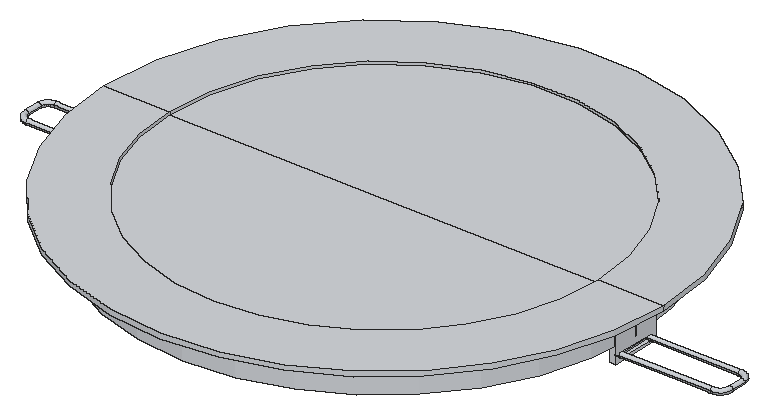
Revit family "0053942", category Lighting Fixtures, host Face, Revit 2017
Family settings
  Host = Face
  Round Connector Dimension = Use Diameter
  Part Type = Normal
  OmniClass Number = 23.80.70.00
  OmniClass Title = Lighting
  Cut with Voids When Loaded = No
  Light Source = Yes
  Shared = No
  Room Calculation Point = No
Parameters (values of type "0053942 ST E DOWNLIGHT FLT 205 IP44 1750 840 DIM")
  Weight = "4.57 kg"
  Wattage Comments = ""
  Wattage = 17 W
  WarrantyStartDate [instance] = "n/a"
  WarrantyGuarantorParts = "n/a"
  WarrantyDurationUnit = "n/a"
  WarrantyDurationParts = "n/a"
  WarrantyDescription = "n/a"
  built-in parameter 1150110 = 1 (stored number, unit not read)
  Voltage = 0 V
  URL = "http://www.sylvania-lighting.com"
  TypeName = "START eco Downlight Flat 205 IP44 1750lm 840 DIM"
  Type Image = <None>
  Type Comments = "n/a"
  built-in parameter 1114217 = 1 (stored number, unit not read)
  Tilt Angle = -90.00°
  built-in parameter 1150109 = 1 (stored number, unit not read)
  built-in parameter 1150134 = 12
  built-in parameter 1150113 = 1 (stored number, unit not read)
  SerialNumber [instance] = "n/a"
  SIZE_203_SYL = 1
  SIZE_155_SYL = 0
  R_DIFF_SYL = if(SIZE_155_SYL = 1, 63.5 mm, if(SIZE_203_SYL = 1, 86.5 mm, 40 mm))  # 86.5 mm
  R2_SYL = if(SIZE_155_SYL = 1, 77.5 mm, if(SIZE_203_SYL = 1, 101.5 mm, 52.5 mm))  # 101.5 mm
  R1_SYL = if(SIZE_155_SYL = 1, 86 mm, if(SIZE_203_SYL = 1, 113 mm, 60 mm))  # 113 mm
  Photometric Web File = "0053942.ies"
  LUM_HEIGHT_SYL = 15 mm - CHAMF_SYL  # 14 mm
  CLIP_SYL = 10 mm
  CLIP_HOLE_SYL = 2.5 mm
  CLIP_HOLE_HE_SYL = 8.5 mm
  CLIP_D_SYL = R2_SYL - 2.5 mm  # 99 mm
  CLIP_DIST_SYL = R2_SYL - 2.5 mm  # 99 mm
  CLIP_CUTOUT_SYL = 19 mm
  CHAMF_SYL = 1 mm
  Material_3_SYL = none
  PowerFactor = 0.9
  PowerConsumption = "17 W"
  NominalLength = 226 mm
  NominalHeight = 21 mm
  NominalDepth = 226 mm
  Name = "START eco Downlight Flat 205 IP44 1750lm 840 DIM"
  ModelReference = Name  # "START eco Downlight Flat 205 IP44 1750lm 840 DIM"
  ModelNumber = "0053942"
  Model = Name  # "START eco Downlight Flat 205 IP44 1750lm 840 DIM"
  Material = "aluminium housing, other diffuser"
  ManufacturerName = "Feilo Sylvania"
  Manufacturer = "Feilo Sylvania"
  LuminousEfficacy = "103 lm/W"
  built-in parameter 1150105 = 139.34 (stored number, unit not read)
  Lumens = 1751 lm
  LuminaireType = ""
  built-in parameter 1150115 = 1 (stored number, unit not read)
  LightOutputRatio = "n/a"
  built-in parameter 1150137 = (empty or 0)
  built-in parameter 1150139 = (empty or 0)
  LampsType = Lamp  # "LED"
  LampNominalLuminous = "1750 lm"
  LampMacAdamStep = "5"
  LampColourTemperature = "4000 K"
  LampColourRenderingIndex = "80"
  built-in parameter 1150112 = 1 (stored number, unit not read)
  built-in parameter 1150114 = 1 (stored number, unit not read)
  Lamp = "LED"
  Keynote = "16500"
  InstallationDate [instance] = "n/a"
  InputVoltage = "n/a"
  InputNominalFrequency = "n/a"
  built-in parameter 1150132 = (empty or 0)
  built-in parameter 1150102 = (empty or 0)
  built-in parameter 1150107 = 4000 (stored number, unit not read)
  built-in parameter 1150138 = (empty or 0)
  IngressProtection = "IP44/20"
  ImpactProtectionIndex = "IK06"
  built-in parameter 1150106 = 1.3934 (stored number, unit not read)
  IfcExportType = "IfcLightFixtureType"
  IfcExportAs = "IfcLightFixtureType"
  Emit from Circle Diameter = 609.6 mm
  Emit Shape Visible in Rendering = no
  ElectricShockClassification = "Class II"
  built-in parameter 1150104 = 9.569 (stored number, unit not read)
  DocumentationLiterature = "http://www.sylvania-lighting.com/product/en-int/products/0053942"
  DimmingControlOptions = "n/a"
  Material_2_SYL = none
  Dimming Lamp Color Temperature Shift = <None>
  Description = "START eco Downlight Flat IP44 DIM is an integrated LED recessed downlight with separated phase dimmable driver; 17W; 1750Lm; 103Lm/W; 4000K; IP44 rated from the front; 30,000hrs (L70B50)."
  Default Elevation = 1219.2 mm
  CreatedOn = "8/6/2020"
  CreatedBy = "@sylvania-lighting.com"
  Cost = 0
  Color Filter = 16777215
  built-in parameter 1114216 [instance] = (empty or 0)
  ClassificationValue = "EF_70_80"
  ClassificationName = "Uniclass2015"
  Material_1_SYL = none
  CHAMF_2_SYL = 1 mm
  BarCode [instance] = "n/a"
  built-in parameter 1114218 = 1 (stored number, unit not read)
  built-in parameter 1150133 = 10 (stored number, unit not read)
  AssetType = "Fixed"
  AssetIdentifier [instance] = "n/a"
  Assembly Code = "D5020200"
  Apparent Load = 17 VA
  Material_4_SYL = none
Types (17, lengths in mm): name | Weight | Wattage | TypeName | built-in parameter 1150134 | SIZE_203_SYL | SIZE_155_SYL | R_DIFF_SYL | R2_SYL | R1_SYL | Photometric Web File | CLIP_D_SYL | CLIP_DIST_SYL | PowerFactor | PowerConsumption | NominalLength | NominalHeight | NominalDepth | Name | ModelReference | ModelNumber | Model | Material | LuminousEfficacy | built-in parameter 1150105 | Lumens | LampNominalLuminous | LampMacAdamStep | LampColourTemperature | built-in parameter 1150107 | built-in parameter 1150106 | built-in parameter 1150104 | DocumentationLiterature | Description | Apparent Load
  0053988 SYLFLAT 105 IP44 550LM 830 DIM | "3.555 kg" | 7 W | "Sylflat 105 IP44 550lm 830 DIM" | (empty or 0) | 0 | 1 | 63.5 | 77.5 | 86 | "0053988.ies" | 75 | 75 | 0 | "7 W" | 0 | 0 | 0 | "Sylflat 105 IP44 550lm 830 DIM" | "Sylflat 105 IP44 550lm 830 DIM" | "53988" | "Sylflat 105 IP44 550lm 830 DIM" | "n/a" | "78.57 lm/W" | 43.768 (stored number, unit not read) | 550 lm | "550 lm" | "3" | "3000 K" | 3000 (stored number, unit not read) | 0.43768 (stored number, unit not read) | 7.2995 (stored number, unit not read) | "http://www.sylvania-lighting.com/product/en-int/products/0053988" | "Sylflat DIM is an integrated LED recessed downlight with separated phase dimmable driver; 7W; 550Lm; 79Lm/W; 3000K; IP44 rated from the front; 50,000hrs (L70B50)." | 7 VA
  0053957 SYLFLAT 205 IP44 2250LM 840 DIM | "4.57 kg" | 24 W | "Sylflat 205 IP44 2250lm 840 DIM" | 12 | 1 | 0 | 86.5 | 101.5 | 113 | "0053957.ies" | 99 | 99 | 0.9 | "24 W" | 226 | 21 | 226 | "Sylflat 205 IP44 2250lm 840 DIM" | "Sylflat 205 IP44 2250lm 840 DIM" | "53957" | "Sylflat 205 IP44 2250lm 840 DIM" | "n/a" | "103 lm/W" | 196.72 (stored number, unit not read) | 2472 lm | "2250 lm" | "3" | "4000 K" | 4000 (stored number, unit not read) | 1.9672 (stored number, unit not read) | 9.569 (stored number, unit not read) | "http://www.sylvania-lighting.com/product/en-int/products/0053957" | "Sylflat DIM is an integrated LED recessed downlight with separated phase dimmable driver; 24W; 2250Lm; 103Lm/W; 4000K; IP44 rated from the front; 50,000hrs (L70B50)." | 24 VA
  0053956 SYLFLAT 205 IP44 2200LM 830 DIM | "4.57 kg" | 24 W | "Sylflat 205 IP44 2200lm 830 DIM" | (empty or 0) | 1 | 0 | 86.5 | 101.5 | 113 | "0053956.ies" | 99 | 99 | 0.9 | "24 W" | 226 | 21 | 226 | "Sylflat 205 IP44 2200lm 830 DIM" | "Sylflat 205 IP44 2200lm 830 DIM" | "53956" | "Sylflat 205 IP44 2200lm 830 DIM" | "n/a" | "100 lm/W" | 190.99 (stored number, unit not read) | 2400 lm | "2200 lm" | "3" | "3000 K" | 3000 (stored number, unit not read) | 1.9099 (stored number, unit not read) | 9.2903 (stored number, unit not read) | "http://www.sylvania-lighting.com/product/en-int/products/0053956" | "Sylflat DIM is an integrated LED recessed downlight with separated phase dimmable driver; 24W; 2200Lm; 100Lm/W; 3000K; IP44 rated from the front; 50,000hrs (L70B50)." | 24 VA
  0053955 SYLFLAT 205 IP44 1750LM 840 DIM | "4.57 kg" | 17 W | "Sylflat 205 IP44 1750lm 840 DIM" | 12 | 1 | 0 | 86.5 | 101.5 | 113 | "0053955.ies" | 99 | 99 | 0.9 | "17 W" | 226 | 21 | 226 | "Sylflat 205 IP44 1750lm 840 DIM" | "Sylflat 205 IP44 1750lm 840 DIM" | "53955" | "Sylflat 205 IP44 1750lm 840 DIM" | "aluminium housing, other diffuser" | "103 lm/W" | 139.34 (stored number, unit not read) | 1751 lm | "1750 lm" | "3" | "4000 K" | 4000 (stored number, unit not read) | 1.3934 (stored number, unit not read) | 9.569 (stored number, unit not read) | "http://www.sylvania-lighting.com/product/en-int/products/0053955" | "Sylflat DIM is an integrated LED recessed downlight with separated phase dimmable driver; 17W; 1750Lm; 103Lm/W; 4000K; IP44 rated from the front; 50,000hrs (L70B50)." | 17 VA
  0053954 SYLFLAT 205 IP44 1550LM 830 DIM | "4.57 kg" | 17 W | "Sylflat 205 IP44 1550lm 830 DIM" | (empty or 0) | 1 | 0 | 86.5 | 101.5 | 113 | "0053954.ies" | 99 | 99 | 0.9 | "17 W" | 226 | 21 | 226 | "Sylflat 205 IP44 1550lm 830 DIM" | "Sylflat 205 IP44 1550lm 830 DIM" | "53954" | "Sylflat 205 IP44 1550lm 830 DIM" | "aluminium housing, other diffuser" | "91 lm/W" | 123.11 (stored number, unit not read) | 1547 lm | "1550 lm" | "3" | "3000 K" | 3000 (stored number, unit not read) | 1.2311 (stored number, unit not read) | 8.4542 (stored number, unit not read) | "http://www.sylvania-lighting.com/product/en-int/products/0053954" | "Sylflat DIM is an integrated LED recessed downlight with separated phase dimmable driver; 17W; 1550Lm; 91Lm/W; 3000K; IP44 rated from the front; 50,000hrs (L70B50)." | 17 VA
  0053953 SYLFLAT 155 IP44 1100LM 840 DIM | "3.27 kg" | 12 W | "Sylflat 155 IP44 1100lm 840 DIM" | 12 | 0 | 1 | 63.5 | 77.5 | 86 | "0053953.ies" | 75 | 75 | 0.9 | "12 W" | 172 | 21 | 172 | "Sylflat 155 IP44 1100lm 840 DIM" | "Sylflat 155 IP44 1100lm 840 DIM" | "53953" | "Sylflat 155 IP44 1100lm 840 DIM" | "aluminium housing, other diffuser" | "92 lm/W" | 87.854 (stored number, unit not read) | 1104 lm | "1100 lm" | "3" | "4000 K" | 4000 (stored number, unit not read) | 0.87854 (stored number, unit not read) | 8.5471 (stored number, unit not read) | "http://www.sylvania-lighting.com/product/en-int/products/0053953" | "Sylflat DIM is an integrated LED recessed downlight with separated phase dimmable driver; 12W; 1100Lm; 92Lm/W; 4000K; IP44 rated from the front; 50,000hrs (L70B50)." | 12 VA
  0053952 SYLFLAT 155 IP44 1000LM 830 DIM | "3.27 kg" | 12 W | "Sylflat 155 IP44 1000lm 830 DIM" | (empty or 0) | 0 | 1 | 63.5 | 77.5 | 86 | "0053952.ies" | 75 | 75 | 0.9 | "12 W" | 172 | 21 | 172 | "Sylflat 155 IP44 1000lm 830 DIM" | "Sylflat 155 IP44 1000lm 830 DIM" | "53952" | "Sylflat 155 IP44 1000lm 830 DIM" | "aluminium housing, other diffuser" | "83 lm/W" | 79.259 (stored number, unit not read) | 996 lm | "1000 lm" | "3" | "3000 K" | 3000 (stored number, unit not read) | 0.79259 (stored number, unit not read) | 7.711 (stored number, unit not read) | "http://www.sylvania-lighting.com/product/en-int/products/0053952" | "Sylflat DIM is an integrated LED recessed downlight with separated phase dimmable driver; 12W; 1000Lm; 83Lm/W; 3000K; IP44 rated from the front; 50,000hrs (L70B50)." | 12 VA
  0053951 ST E DOWNLIGHT FLT 205 IP44 2200 865 DIM | "4.57 kg" | 24 W | "START eco Downlight Flat 205 IP44 2200lm 865 DIM" | 1 | 1 | 0 | 86.5 | 101.5 | 113 | "0053951.ies" | 99 | 99 | 0.9 | "24 W" | 226 | 21 | 226 | "START eco Downlight Flat 205 IP44 2200lm 865 DIM" | "START eco Downlight Flat 205 IP44 2200lm 865 DIM" | "53951" | "START eco Downlight Flat 205 IP44 2200lm 865 DIM" | "n/a" | "92 lm/W" | 175.71 (stored number, unit not read) | 2208 lm | "2200 lm" | "5" | "6500 K" | 6500 (stored number, unit not read) | 1.7571 (stored number, unit not read) | 8.5471 (stored number, unit not read) | "http://www.sylvania-lighting.com/product/en-int/products/0053951" | "START eco Downlight Flat IP44 DIM is an integrated LED recessed downlight with separated phase dimmable driver; 24W; 2200Lm; 92Lm/W; 6500K; IP44 rated from the front; 30,000hrs (L70B50)." | 24 VA
  0053950 ST E DOWNLIGHT FLT 205 IP44 1700 865 DIM | "4.57 kg" | 17 W | "START eco Downlight Flat 205 IP44 1700lm 865 DIM" | 1 | 1 | 0 | 86.5 | 101.5 | 113 | "0053950.ies" | 99 | 99 | 0.9 | "17 W" | 226 | 21 | 226 | "START eco Downlight Flat 205 IP44 1700lm 865 DIM" | "START eco Downlight Flat 205 IP44 1700lm 865 DIM" | "53950" | "START eco Downlight Flat 205 IP44 1700lm 865 DIM" | "aluminium housing, other diffuser" | "100 lm/W" | 135.28 (stored number, unit not read) | 1700 lm | "1700 lm" | "5" | "6500 K" | 6500 (stored number, unit not read) | 1.3528 (stored number, unit not read) | 9.2903 (stored number, unit not read) | "http://www.sylvania-lighting.com/product/en-int/products/0053950" | "START eco Downlight Flat IP44 DIM is an integrated LED recessed downlight with separated phase dimmable driver; 17W; 1700Lm; 100Lm/W; 6500K; IP44 rated from the front; 30,000hrs (L70B50)." | 17 VA
  0053949 ST E DOWNLIGHT FLT 155 IP44 1100 865 DIM | "3.27 kg" | 12 W | "START eco Downlight Flat 155 IP44 1100lm 865 DIM" | 1 | 0 | 1 | 63.5 | 77.5 | 86 | "0053949.ies" | 75 | 75 | 0.9 | "12 W" | 172 | 21 | 172 | "START eco Downlight Flat 155 IP44 1100lm 865 DIM" | "START eco Downlight Flat 155 IP44 1100lm 865 DIM" | "53949" | "START eco Downlight Flat 155 IP44 1100lm 865 DIM" | "aluminium housing, other diffuser" | "92 lm/W" | 87.854 (stored number, unit not read) | 1104 lm | "1100 lm" | "5" | "6500 K" | 6500 (stored number, unit not read) | 0.87854 (stored number, unit not read) | 8.5471 (stored number, unit not read) | "http://www.sylvania-lighting.com/product/en-int/products/0053949" | "START eco Downlight Flat IP44 DIM is an integrated LED recessed downlight with separated phase dimmable driver; 12W; 1100Lm; 92Lm/W; 6500K; IP44 rated from the front; 30,000hrs (L70B50)." | 12 VA
  0053944 ST E DOWNLIGHT FLT 205 IP44 2250 840 DIM | "4.57 kg" | 24 W | "START eco Downlight Flat 205 IP44 2250lm 840 DIM" | 12 | 1 | 0 | 86.5 | 101.5 | 113 | "0053944.ies" | 99 | 99 | 0.9 | "24 W" | 226 | 21 | 226 | "START eco Downlight Flat 205 IP44 2250lm 840 DIM" | "START eco Downlight Flat 205 IP44 2250lm 840 DIM" | "53944" | "START eco Downlight Flat 205 IP44 2250lm 840 DIM" | "n/a" | "94 lm/W" | 179.53 (stored number, unit not read) | 2256 lm | "2250 lm" | "5" | "4000 K" | 4000 (stored number, unit not read) | 1.7953 (stored number, unit not read) | 8.7329 (stored number, unit not read) | "http://www.sylvania-lighting.com/product/en-int/products/0053944" | "START eco Downlight Flat IP44 DIM is an integrated LED recessed downlight with separated phase dimmable driver; 24W; 2250Lm; 94Lm/W; 4000K; IP44 rated from the front; 30,000hrs (L70B50)." | 24 VA
  0053942 ST E DOWNLIGHT FLT 205 IP44 1750 840 DIM | "4.57 kg" | 17 W | "START eco Downlight Flat 205 IP44 1750lm 840 DIM" | 12 | 1 | 0 | 86.5 | 101.5 | 113 | "0053942.ies" | 99 | 99 | 0.9 | "17 W" | 226 | 21 | 226 | "START eco Downlight Flat 205 IP44 1750lm 840 DIM" | "START eco Downlight Flat 205 IP44 1750lm 840 DIM" | "0053942" | "START eco Downlight Flat 205 IP44 1750lm 840 DIM" | "aluminium housing, other diffuser" | "103 lm/W" | 139.34 (stored number, unit not read) | 1751 lm | "1750 lm" | "5" | "4000 K" | 4000 (stored number, unit not read) | 1.3934 (stored number, unit not read) | 9.569 (stored number, unit not read) | "http://www.sylvania-lighting.com/product/en-int/products/0053942" | "START eco Downlight Flat IP44 DIM is an integrated LED recessed downlight with separated phase dimmable driver; 17W; 1750Lm; 103Lm/W; 4000K; IP44 rated from the front; 30,000hrs (L70B50)." | 17 VA
  0053941 ST E DOWNLIGHT FLT 155 IP44 1100 840 DIM | "3.27 kg" | 12 W | "START eco Downlight Flat 155 IP44 1100lm 840 DIM" | 12 | 0 | 1 | 63.5 | 77.5 | 86 | "0053941.ies" | 75 | 75 | 0.9 | "12 W" | 172 | 21 | 172 | "START eco Downlight Flat 155 IP44 1100lm 840 DIM" | "START eco Downlight Flat 155 IP44 1100lm 840 DIM" | "53941" | "START eco Downlight Flat 155 IP44 1100lm 840 DIM" | "aluminium housing, other diffuser" | "92 lm/W" | 87.854 (stored number, unit not read) | 1104 lm | "1100 lm" | "5" | "4000 K" | 4000 (stored number, unit not read) | 0.87854 (stored number, unit not read) | 8.5471 (stored number, unit not read) | "http://www.sylvania-lighting.com/product/en-int/products/0053941" | "START eco Downlight Flat IP44 DIM is an integrated LED recessed downlight with separated phase dimmable driver; 12W; 1100Lm; 92Lm/W; 4000K; IP44 rated from the front; 30,000hrs (L70B50)." | 12 VA
  0053940 ST E DOWNLIGHT FLT 205 IP44 2200 830 DIM | "4.57 kg" | 24 W | "START eco Downlight Flat 205 IP44 2200lm 830 DIM" | (empty or 0) | 1 | 0 | 86.5 | 101.5 | 113 | "0053940.ies" | 99 | 99 | 0.9 | "24 W" | 226 | 21 | 226 | "START eco Downlight Flat 205 IP44 2200lm 830 DIM" | "START eco Downlight Flat 205 IP44 2200lm 830 DIM" | "53940" | "START eco Downlight Flat 205 IP44 2200lm 830 DIM" | "n/a" | "92 lm/W" | 175.71 (stored number, unit not read) | 2208 lm | "2200 lm" | "5" | "3000 K" | 3000 (stored number, unit not read) | 1.7571 (stored number, unit not read) | 8.5471 (stored number, unit not read) | "http://www.sylvania-lighting.com/product/en-int/products/0053940" | "START eco Downlight Flat IP44 DIM is an integrated LED recessed downlight with separated phase dimmable driver; 24W; 2200Lm; 92Lm/W; 3000K; IP44 rated from the front; 30,000hrs (L70B50)." | 24 VA
  0053938 ST E DOWNLIGHT FLT 205 IP44 1550 830 DIM | "4.57 kg" | 17 W | "START eco Downlight Flat 205 IP44 1550lm 830 DIM" | (empty or 0) | 1 | 0 | 86.5 | 101.5 | 113 | "0053938.ies" | 99 | 99 | 0.9 | "17 W" | 226 | 21 | 226 | "START eco Downlight Flat 205 IP44 1550lm 830 DIM" | "START eco Downlight Flat 205 IP44 1550lm 830 DIM" | "53938" | "START eco Downlight Flat 205 IP44 1550lm 830 DIM" | "aluminium housing, other diffuser" | "91 lm/W" | 123.11 (stored number, unit not read) | 1547 lm | "1550 lm" | "5" | "3000 K" | 3000 (stored number, unit not read) | 1.2311 (stored number, unit not read) | 8.4542 (stored number, unit not read) | "http://www.sylvania-lighting.com/product/en-int/products/0053938" | "START eco Downlight Flat IP44 DIM is an integrated LED recessed downlight with separated phase dimmable driver; 17W; 1550Lm; 91Lm/W; 3000K; IP44 rated from the front; 30,000hrs (L70B50)." | 17 VA
  0053937 ST E DOWNLIGHT FLT 155 IP44 1000 830 DIM | "3.27 kg" | 12 W | "START eco Downlight Flat 155 IP44 1000lm 830 DIM" | (empty or 0) | 0 | 1 | 63.5 | 77.5 | 86 | "0053937.ies" | 75 | 75 | 0.9 | "12 W" | 172 | 21 | 172 | "START eco Downlight Flat 155 IP44 1000lm 830 DIM" | "START eco Downlight Flat 155 IP44 1000lm 830 DIM" | "53937" | "START eco Downlight Flat 155 IP44 1000lm 830 DIM" | "aluminium housing, other diffuser" | "83 lm/W" | 79.259 (stored number, unit not read) | 996 lm | "1000 lm" | "5" | "3000 K" | 3000 (stored number, unit not read) | 0.79259 (stored number, unit not read) | 7.711 (stored number, unit not read) | "http://www.sylvania-lighting.com/product/en-int/products/0053937" | "START eco Downlight Flat IP44 DIM is an integrated LED recessed downlight with separated phase dimmable driver; 12W; 1000Lm; 83Lm/W; 3000K; IP44 rated from the front; 30,000hrs (L70B50)." | 12 VA
  0053989 SYLFLAT 105 IP44 600LM 840 DIM | "3.555 kg" | 7 W | "Sylflat 105 IP44 600lm 840 DIM" | 12 | 0 | 1 | 63.5 | 77.5 | 86 | "0053989.ies" | 75 | 75 | 0 | "7 W" | 0 | 0 | 0 | "Sylflat 105 IP44 600lm 840 DIM" | "Sylflat 105 IP44 600lm 840 DIM" | "53989" | "Sylflat 105 IP44 600lm 840 DIM" | "n/a" | "85.71 lm/W" | 47.746 (stored number, unit not read) | 600 lm | "600 lm" | "3" | "4000 K" | 4000 (stored number, unit not read) | 0.47746 (stored number, unit not read) | 7.9631 (stored number, unit not read) | "http://www.sylvania-lighting.com/product/en-int/products/0053989" | "Sylflat DIM is an integrated LED recessed downlight with separated phase dimmable driver; 7W; 600Lm; 86Lm/W; 4000K; IP44 rated from the front; 50,000hrs (L70B50)." | 7 VA
Reference planes
  plane 1 "Center (Front/Back)": y = 0
  plane 2: z = 0
  plane 3 "Center (Left/Right)": x = 0
  plane 4: z = 1
  plane 5: z = -1
  plane 6: z = -14
  plane 7: x = 113
  plane 8: x = 86.5
  plane 9: x = 101.5
  plane 10: x = 0
  plane 11: x = -96
  plane 12: x = -101.5
  plane 13: y = 10
  plane 14: y = -10
  plane 15: x = 99
  plane 16: z = -19
  plane 17: z = -16.5
  plane 18: y = -8.5
  plane 19: y = 8.5
  plane 20: x = -99
Forms (mm)
  Revolve 1, solid
    sketch origin (0, 0, 0) x (1, 0, 0) y (0, 0, 1)
      loop
        line (0, 0) -> (0, -14) -> (101.5, -14) -> (101.5, -1) -> (113, -1) -> (113, 1) -> (86.5, 1) -> (86.5, 0) -> (0, 0)
      axis (0, 1) -> (0, -14)
    angle from 360 to 0
  Extrusion 2, solid
    sketch origin (0, 0, 0) x (1, 0, 0) y (0, 1, 0)
      loop
        line (99, 10) -> (99, -10) -> (101.5, -10) -> (101.5, 10) -> (99, 10)
      loop
        line (-99, 10) -> (-101.5, 10) -> (-101.5, -10) -> (-99, -10) -> (-99, 10)
    from -20 to -1
  Extrusion 3, void
    sketch origin (319, 1524, 1219.2) x (0, 1, 0) y (0, 0, 1)
      loop
        line (-1515.5, -1238.2) -> (-1515.5, -1235.7) -> (-1532.5, -1235.7) -> (-1532.5, -1238.2) -> (-1515.5, -1238.2)
    from -440.059 to 10
  Sweep 4, solid
    path origin (-31.995, -2.046, -2.165) x (1, 0, 0) y (0, 1, 0)
      loop
        arc (-106, 9.306) -> (-108.828, 8.135) -> (-110, 5.306) r 4
        line (-110, 5.306) -> (-110, -0.922)
        arc (-110, -0.922) -> (-108.828, -3.75) -> (-106, -4.922) r 4
        line (-106, -4.922) -> (-68, -4.922) -> (-68, 9.306) -> (-106, 9.306)
    profile origin (-118.995, 7.26, -2.165) x (0, 1, 0) y (0, 0, 1)
      loop
        circle (0, -15.572) r 0.967
  Sweep 5, solid
    path origin (31.995, -2.046, -2.165) x (-1, 0, 0) y (0, -1, 0)
      loop
        line (-106, -9.306) -> (-68, -9.306) -> (-68, 4.922) -> (-106, 4.922)
        arc (-106, 4.922) -> (-108.828, 3.75) -> (-110, 0.922) r 4
        line (-110, 0.922) -> (-110, -5.306)
        arc (-110, -5.306) -> (-108.828, -8.135) -> (-106, -9.306) r 4
    profile origin (118.995, 7.26, -2.165) x (0, -1, 0) y (0, 0, 1)
      loop
        circle (0, -15.572) r 0.967
Cuts and joins
  Extrusion 3 cuts Extrusion 2
Dimensions and locks
  "LUM_HEIGHT_SYL": host face to plane 6
  "CHAMF_2_SYL": host face to plane 5
  "CHAMF_SYL": plane 4 to host face
  "R_DIFF_SYL": plane 8 to plane 3 "Center (Left/Right)"
  "R2_SYL": plane 3 "Center (Left/Right)" to plane 9
  "R1_SYL": plane 7 to plane 3 "Center (Left/Right)"
  "CLIP_SYL": plane 14 to plane 1 "Center (Front/Back)" to plane 13
  "CLIP_D_SYL": plane 10 to plane 15
  "R2_SYL": plane 10 to plane 9
  "CLIP_CUTOUT_SYL": host face to plane 16
  "CLIP_HOLE_SYL": plane 17 to plane 16
  "CLIP_HOLE_HE_SYL": plane 19 to plane 1 "Center (Front/Back)" to plane 18
  "R2_SYL": plane 12 to plane 10
  "CLIP_D_SYL": plane 20 to plane 3 "Center (Left/Right)"
  aligned and locked: plane 2 to host face
  aligned and locked: level to host face
  aligned and locked: Revolve 1 sketch curve to plane 3 "Center (Left/Right)"
  aligned and locked: plane 13 to Extrusion 2 sketch curve
  aligned and locked: Extrusion 2 sketch curve to plane 15
  aligned and locked: Extrusion 2 sketch curve to plane 14
  aligned and locked: plane 9 to Extrusion 2 sketch curve
  aligned and locked: Extrusion 3 sketch curve to plane 16
  aligned and locked: plane 19 to Extrusion 3 sketch curve
  aligned and locked: Extrusion 3 sketch curve to plane 17
  aligned and locked: Extrusion 3 sketch curve to plane 18
  aligned and locked: Extrusion 2 sketch curve to plane 13
  aligned and locked: Extrusion 2 sketch curve to plane 20
  aligned and locked: plane 14 to Extrusion 2 sketch curve
  aligned and locked: plane 12 to Extrusion 2 sketch curve
Automatic sketch dimensions
  host sketch curve to host sketch curve = 2438.4 mm  (x2)
  Revolve 1 sketch curve to level = 0 mm
  Revolve 1 sketch curve to plane 3 "Center (Left/Right)" = 0 mm
  plane 8 to Revolve 1 sketch curve = 0 mm
  Revolve 1 sketch curve to plane 6 = 0 mm
  plane 9 to Revolve 1 sketch curve = 0 mm
  Revolve 1 sketch curve to plane 5 = 0 mm
  plane 7 to Revolve 1 sketch curve = 0 mm
  Revolve 1 sketch curve to plane 4 = 0 mm
  Revolve 1 sketch curve to plane 16 = 584.6 mm
  Revolve 1 sketch curve to plane 4 = 2608.058 mm
  plane 1 "Center (Front/Back)" to Sweep 4 sketch curve = 2.968 mm
  plane 12 to Sweep 4 sketch curve = 40.495 mm
  Sweep 4 sketch curve to plane 18 = 1.532 mm
  Sweep 4 sketch curve to Sweep 4 sketch curve = 4 mm
  plane 20 to Sweep 4 sketch curve = 0.995 mm
  Sweep 4 sketch curve to plane 1 "Center (Front/Back)" = 3.26 mm
  Sweep 4 sketch curve to profile plane = 0 mm
  Sweep 4 sketch curve to profile plane = 15.572 mm
  plane 1 "Center (Front/Back)" to Sweep 5 sketch curve = 2.968 mm
  Sweep 5 sketch curve to plane 7 = 28.995 mm
  Sweep 5 sketch curve to plane 18 = 1.532 mm
  Sweep 5 sketch curve to Sweep 5 sketch curve = 4 mm
  Sweep 5 sketch curve to plane 15 = 0.995 mm
  Sweep 5 sketch curve to plane 1 "Center (Front/Back)" = 3.26 mm
  Sweep 5 sketch curve to profile plane = 0 mm
  Sweep 5 sketch curve to profile plane = 15.572 mm
  radius of Sweep 4 sketch curve = 0.967 mm
  radius of Sweep 5 sketch curve = 0.967 mm
